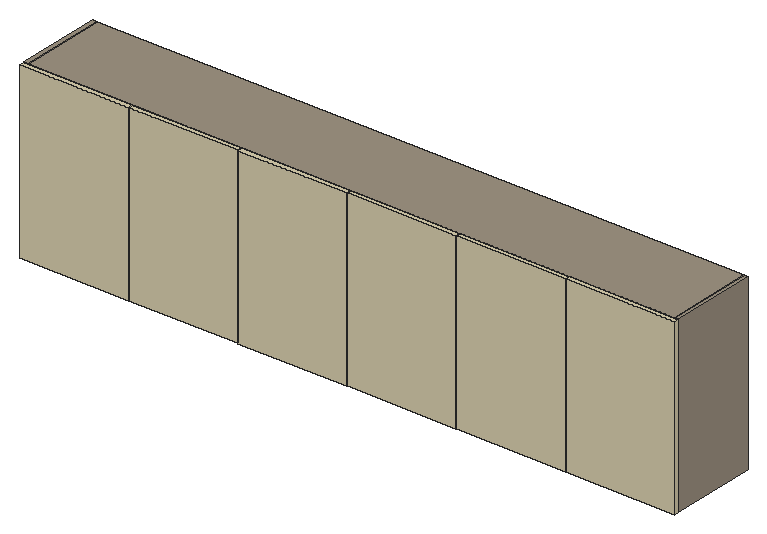
Revit family "Storage-Teknion-COHD_Overhead_Hinged_Doors-R2021", category Furniture, Revit 2021
Family settings
  OmniClass Number = 23.40.20.00
  OmniClass Title = General Furniture and Specialties
  Work Plane-Based = No
  Always vertical = Yes
  Cut with Voids When Loaded = No
  Shared = Yes
  Room Calculation Point = No
Parameters (values of type "2H")
  Width [instance] = 108.000"
  Warranty = "http://www.teknion.com/ca/papers/legal-canada"
  Unit Weight URL = "http://www.teknion.com/ca/tools/assets#&asset=bee6a381-b954-425e-8283-5a2de3a804f2,f828d448-4b62-4231-9e5f-9a8991c0ed77"
  URL = "www.teknion.com"
  To render please download texture images found here [instance] = "https://assets.teknion.com/web/5e81352c1dfdb467/revit-material-swatches/"
  Sustainability Data = "https://www.teknion.com/ca/tools/assets#&topic=216f99a5-57a0-44fc-b10a-9dee9b29ae4c&asset=444deb64-fe58-4b68-981e-f75e97781df7,b4ff2d81-9f2e-437d-9659-7cffb09c31cf"
  Series = "Chronicle"  # constant formula
  Product Page URL = ""
  Product Line = ""
  Product Documentation Link = ""
  Part Number = "COHD"  # constant formula
  Model = "COHD2H"
  Manufacturer Phone = "416-661-3370"  # constant formula
  Manufacturer Fax = "416.661.4586"  # constant formula
  Manufacturer Contact Information = "http://www.teknion.com/ca/contactus"
  Manufacturer Address = "1150 Flint Road, Toronto, ON. M3J 2J5. Canada"  # constant formula
  Manufacturer = "Teknion"  # constant formula
  How To Use Teknion Materials User Guide [instance] = "https://assets.teknion.com/m/205dd0a49fa58060/original/How-to-add-a-Material-Library-and-Texture-Images-to-your-Revit-project.pdf"
  Height = 28.500"
  Front Finish [instance] = Veneer - Teknion - FX - Flintwood - Flax
  For Additional Finishes please visit [instance] = "https://assets.teknion.com/m/44a8009b046e5d47/original/Teknion_Materials_Library.zip"
  Door Gap 7 [instance] = if(or(Width = 60.000", Width = 66.000", Width = 72.000", Width = 78.000", Width = 84.000"), 84.000", 10.000")  # 10.000"
  Door Gap 6 [instance] = if(or(Width = 60.000", Width = 66.000", Width = 72.000", Width = 78.000", Width = 84.000"), 84.000", 10.000")  # 10.000"
  Door Gap 5 [instance] = if(or(Width = 90.000", Width = 96.000", Width = 102.000", Width = 108.000"), 84.000", 10.000")  # 84.000"
  Door Gap 4 [instance] = if(or(Width = 48.000", Width = 54.000", Width = 90.000", Width = 96.000", Width = 102.000", Width = 108.000"), 84.000", 10.000")  # 84.000"
  Door Gap 3 [instance] = if(or(Width = 30.000", Width = 36.000", Width = 42.000", Width = 60.000", Width = 66.000", Width = 72.000", Width = 78.000", Width = 84.000", Width = 90.000", Width = 96.000", Width = 102.000", Width = 108.000"), 84.000", 10.000")  # 84.000"
  Door Gap 2 [instance] = if(or(Width = 48.000", Width = 54.000", Width = 90.000", Width = 96.000", Width = 102.000", Width = 108.000"), 84.000", 10.000")  # 84.000"
  Door Gap 1 [instance] = if(or(Width = 90.000", Width = 96.000", Width = 102.000", Width = 108.000"), 84.000", 10.000")  # 84.000"
  Divider c [instance] = or(Width = 90.000", Width = 96.000", Width = 102.000", Width = 108.000")  # yes
  Divider b [instance] = or(Width = 60.000", Width = 66.000", Width = 72.000", Width = 78.000", Width = 84.000")  # no
  Divider a [instance] = or(Width = 48.000", Width = 54.000", Width = 90.000", Width = 96.000", Width = 102.000", Width = 108.000")  # yes
  Distance = 8.000"
  Description = "Chronicle Overhead, Hinged Doors, 2H Height"
  Default Elevation = 0.000"
  Case Finish [instance] = Veneer - Teknion - Q9 - Mercurial Walnut
  Available Width [instance] = "30,36,42,48,54,60,66,72,78,84,90,96,102,108 Inch"  # constant formula
  Assembly Code = "E2020200"
  6 Doors [instance] = or(Width = 90.000", Width = 96.000", Width = 102.000", Width = 108.000")  # yes
  4 Doors [instance] = or(Width = 60.000", Width = 66.000", Width = 72.000", Width = 78.000", Width = 84.000")  # no
  3 Doors [instance] = or(Width = 48.000", Width = 54.000")  # no
  2H = yes
  2 Doors [instance] = or(Width = 30.000", Width = 36.000", Width = 42.000")  # no
Types (3): name | Width | Model | Height | Front Finish | Door Gap 5 | Door Gap 4 | Door Gap 2 | Door Gap 1 | Divider c | Divider a | Distance | Description | Case Finish | 6 Doors | 2H | 2 Doors
  (no name) | 108.000" | "COHD2H" | 28.500" | Veneer - Teknion - FX - Flintwood - Flax | 84.000" | 84.000" | 84.000" | 84.000" | yes | yes | 8.000" | "Chronicle Overhead, Hinged Doors, 2H Height" | Veneer - Teknion - Q9 - Mercurial Walnut | yes | yes | no
  1H | 30.000" | "COHD1H" | 14.750" | Veneer - Teknion - 5N - Flintwood - White Oak | 10.000" | 10.000" | 10.000" | 10.000" | no | no | 5.000" | "Chronicle Overhead, Hinged Doors, 1H Height" | Veneer - Teknion - VN - Brindle | no | no | yes
  2H | 108.000" | "COHD2H" | 28.500" | Veneer - Teknion - FX - Flintwood - Flax | 84.000" | 84.000" | 84.000" | 84.000" | yes | yes | 8.000" | "Chronicle Overhead, Hinged Doors, 2H Height" | Veneer - Teknion - Q9 - Mercurial Walnut | yes | yes | no
Reference planes (in)
  plane 1 "Center Front/Back": y = -1357.5
  plane 2: z = 0
  plane 3 "Center Left/Right": x = 1104
  plane 4 "Left": x = 1050
  plane 5 "Right": x = 1158
  plane 6 "Back": y = -1350
  plane 7 "Front": y = -1365
  plane 8 "Top": z = 84
  plane 9: z = 55.5
  plane 10: x = 1086
  plane 11: x = 1122
  plane 12: x = 1068
  plane 13: x = 1140
  plane 14: x = 1077
  plane 15: x = 1131
Forms (in)
  Sweep 1, solid, material "Veneer - Teknion - Q9 - Mercurial Walnut" <- "Case Finish"
    path origin (0, -1357.5, 0) x (1, 0, 0) y (0, 0, 1)
      loop
        line (1104, 84) -> (1104, 82.96063)
    profile origin (1104, -1357.5, 83.48031) x (0, -1, 0) y (1, 0, 0)
      loop
        line (-7.5, -53.27559) -> (6.65748, -53.27559) -> (6.65748, 53.27559) -> (-7.5, 53.27559) -> (-7.5, -53.27559)
  Sweep 2, solid, material "Veneer - Teknion - Q9 - Mercurial Walnut" <- "Case Finish"
    path origin (0, -1357.5, -27.46063) x (1, 0, 0) y (0, 0, 1)
      loop
        line (1104, 84) -> (1104, 82.96063)
    profile origin (1104, -1357.5, 56.01969) x (0, -1, 0) y (1, 0, 0)
      loop
        line (-7.5, -53.27559) -> (6.65748, -53.27559) -> (6.65748, 53.27559) -> (-7.5, 53.27559) -> (-7.5, -53.27559)
  Sweep 3, solid, material "Veneer - Teknion - Q9 - Mercurial Walnut" <- "Case Finish"
    path origin (1104, 0, 0) x (0, 1, 0) y (0, 0, 1)
      loop
        line (-1357.5, 84) -> (-1357.5, 55.5)
    profile origin (1104, -1357.5, 69.75) x (1, 0, 0) y (0, 1, 0)
      loop
        line (-54, 7.5) -> (-54, -6.65748) -> (-53.27559, -6.65748) -> (-53.27559, 7.5) -> (-54, 7.5)
      loop
        line (54, 7.5) -> (53.27559, 7.5) -> (53.27559, -6.65748) -> (54, -6.65748) -> (54, 7.5)
  Sweep 4, solid, material "Veneer - Teknion - Q9 - Mercurial Walnut" <- "Case Finish"
    path origin (0, -1357.5, 0) x (1, 0, 0) y (0, 0, 1)
      loop
        line (1104, 82.96063) -> (1104, 56.53937)
    profile origin (1104, -1357.5, 69.75) x (0, -1, 0) y (1, 0, 0)
      loop
        line (-6.75, -53.27559) -> (-6.02559, -53.27559) -> (-6.02559, 53.27559) -> (-6.75, 53.27559) -> (-6.75, -53.27559)
  Sweep 5, solid, material "Veneer - Teknion - Q9 - Mercurial Walnut" <- "Case Finish"
    path origin (0, 0, 0) x (1, 0, 0) y (0, 1, 0)
      loop
        line (1051.72441, -1350) -> (1156.27559, -1350)
    profile origin (1104, -1350, 0) x (0, 1, 0) y (0, 0, 1)
      loop
        line (-0.75, 82.96063) -> (-0.75, 74.96063) -> (0, 74.96063) -> (0, 82.96063) -> (-0.75, 82.96063)
      loop
        line (-0.75, 64.53937) -> (-0.75, 56.53937) -> (0, 56.53937) -> (0, 64.53937) -> (-0.75, 64.53937)
  Sweep 6, solid, material "Veneer - Teknion - Q9 - Mercurial Walnut" <- "Case Finish", visible <- "Divider a"
    path origin (0, 0, 0) x (1, 0, 0) y (0, 1, 0)
      loop
        line (1086, -1351.47441) -> (1086, -1364.15748)
    profile origin (1086, -1357.81594, 0) x (1, 0, 0) y (0, 0, 1)
      loop
        line (-0.3622, 82.96063) -> (-0.3622, 56.53937) -> (0.3622, 56.53937) -> (0.3622, 82.96063) -> (-0.3622, 82.96063)
  Sweep 7, solid, material "Veneer - Teknion - Q9 - Mercurial Walnut" <- "Case Finish", visible <- "Divider c"
    path origin (36, 0, 0) x (1, 0, 0) y (0, 1, 0)
      loop
        line (1086, -1351.47441) -> (1086, -1364.15748)
    profile origin (1122, -1357.81594, 0) x (1, 0, 0) y (0, 0, 1)
      loop
        line (-0.3622, 82.96063) -> (-0.3622, 56.53937) -> (0.3622, 56.53937) -> (0.3622, 82.96063) -> (-0.3622, 82.96063)
  Sweep 8, solid, material "Veneer - Teknion - Q9 - Mercurial Walnut" <- "Case Finish", visible <- "2H"
    path origin (0, -1357.5, 0) x (1, 0, 0) y (0, 0, 1)
      loop
        line (1104, 70.26969) -> (1104, 69.23031)
    profile origin (1104, -1357.5, 69.75) x (0, -1, 0) y (1, 0, 0)
      loop
        line (-6.02559, -53.27559) -> (5.65748, -53.27559) -> (5.65748, 53.27559) -> (-6.02559, 53.27559) -> (-6.02559, -53.27559)
  Sweep 9, solid, material "Veneer - Teknion - Q9 - Mercurial Walnut" <- "Case Finish", visible <- "Divider b"
    path origin (18, 0, 0) x (1, 0, 0) y (0, 1, 0)
      loop
        line (1086, -1351.47441) -> (1086, -1364.15748)
    profile origin (1104, -1357.81594, 0) x (1, 0, 0) y (0, 0, 1)
      loop
        line (-0.3878, 82.96063) -> (-0.3878, 56.53937) -> (0.3878, 56.53937) -> (0.3878, 82.96063) -> (-0.3878, 82.96063)
  Sweep 10, solid, material "Veneer - Teknion - FX - Flintwood - Flax" <- "Front Finish"
    path origin (0, 0, 0) x (1, 0, 0) y (0, 1, 0)
      loop
        line (1050.03937, -1365) -> (1157.96063, -1365)
    profile origin (1104, -1365, 0) x (0, 1, 0) y (0, 0, 1)
      loop
        line (0, 84) -> (0, 55.5) -> (0.72441, 55.5) -> (0.72441, 84) -> (0, 84)
  Sweep 11, void
    path origin (0, -1357.5, 0) x (1, 0, 0) y (0, 0, 1)
      loop
        line (1068, 84) -> (1068, 0)
    profile origin (1068, -1357.5, 42) x (0, -1, 0) y (1, 0, 0)
      loop
        line (6.77559, -0.03937) -> (7.5, -0.03937) -> (7.5, 0.03937) -> (6.77559, 0.03937) -> (6.77559, -0.03937)
  Sweep 12, void
    path origin (18, -1357.5, 0) x (1, 0, 0) y (0, 0, 1)
      loop
        line (1068, 84) -> (1068, 0)
    profile origin (1086, -1357.5, 42) x (0, -1, 0) y (1, 0, 0)
      loop
        line (6.77559, -0.03937) -> (7.5, -0.03937) -> (7.5, 0.03937) -> (6.77559, 0.03937) -> (6.77559, -0.03937)
  Sweep 13, void
    path origin (36, -1357.5, 0) x (1, 0, 0) y (0, 0, 1)
      loop
        line (1068, 84) -> (1068, 0)
    profile origin (1104, -1357.5, 42) x (0, -1, 0) y (1, 0, 0)
      loop
        line (6.77559, -0.03937) -> (7.5, -0.03937) -> (7.5, 0.03937) -> (6.77559, 0.03937) -> (6.77559, -0.03937)
  Sweep 14, void
    path origin (54, -1357.5, 0) x (1, 0, 0) y (0, 0, 1)
      loop
        line (1068, 84) -> (1068, 0)
    profile origin (1122, -1357.5, 42) x (0, -1, 0) y (1, 0, 0)
      loop
        line (6.77559, -0.03937) -> (7.5, -0.03937) -> (7.5, 0.03937) -> (6.77559, 0.03937) -> (6.77559, -0.03937)
  Sweep 15, void
    path origin (72, -1357.5, 0) x (1, 0, 0) y (0, 0, 1)
      loop
        line (1068, 84) -> (1068, 0)
    profile origin (1140, -1357.5, 42) x (0, -1, 0) y (1, 0, 0)
      loop
        line (6.77559, -0.03937) -> (7.5, -0.03937) -> (7.5, 0.03937) -> (6.77559, 0.03937) -> (6.77559, -0.03937)
  Sweep 16, void
    path origin (7, -1357.5, 0) x (1, 0, 0) y (0, 0, 1)
      loop
        line (1070, 10) -> (1070, 0)
    profile origin (1077, -1357.5, 5) x (0, -1, 0) y (1, 0, 0)
      loop
        line (6.77559, -0.03937) -> (7.5, -0.03937) -> (7.5, 0.03937) -> (6.77559, 0.03937) -> (6.77559, -0.03937)
  Sweep 17, void
    path origin (65, -1357.5, 0) x (1, 0, 0) y (0, 0, 1)
      loop
        line (1066, 10) -> (1066, 0)
    profile origin (1131, -1357.5, 5) x (0, -1, 0) y (1, 0, 0)
      loop
        line (6.77559, -0.03937) -> (7.5, -0.03937) -> (7.5, 0.03937) -> (6.77559, 0.03937) -> (6.77559, -0.03937)
Cuts and joins
  Sweep 11, Sweep 12, Sweep 13, Sweep 14, Sweep 15, Sweep 16, Sweep 17 cuts Sweep 10
Lines and regions (in)
  Masking region 1
    outline origin (0, 0, 0) x (1, 0, 0) y (0, 1, 0)
      loop
        line (1050, -1350) -> (1050, -1364.15748) -> (1158, -1364.15748) -> (1158, -1350) -> (1050, -1350)
  Masking region 2, visible <- "6 Doors"
    outline origin (0, 0, 0) x (1, 0, 0) y (0, 1, 0)
      loop
        line (1067.96063, -1364.27559) -> (1050.03937, -1364.27559) -> (1050.03937, -1365) -> (1067.96063, -1365) -> (1067.96063, -1364.27559)
      loop
        line (1157.96063, -1364.27559) -> (1140.03937, -1364.27559) -> (1140.03937, -1365) -> (1157.96063, -1365) -> (1157.96063, -1364.27559)
      loop
        line (1068.03937, -1365) -> (1085.96063, -1365) -> (1085.96063, -1364.27559) -> (1068.03937, -1364.27559) -> (1068.03937, -1365)
      loop
        line (1086.03937, -1365) -> (1103.96063, -1365) -> (1103.96063, -1364.27559) -> (1086.03937, -1364.27559) -> (1086.03937, -1365)
      loop
        line (1104.03937, -1365) -> (1121.96063, -1365) -> (1121.96063, -1364.27559) -> (1104.03937, -1364.27559) -> (1104.03937, -1365)
      loop
        line (1122.03937, -1365) -> (1139.96063, -1365) -> (1139.96063, -1364.27559) -> (1122.03937, -1364.27559) -> (1122.03937, -1365)
  Masking region 3, visible <- "4 Doors"
    outline origin (0, 0, 0) x (1, 0, 0) y (0, 1, 0)
      loop
        line (1157.96063, -1364.27559) -> (1131.03937, -1364.27559) -> (1131.03937, -1365) -> (1157.96063, -1365) -> (1157.96063, -1364.27559)
      loop
        line (1050.03937, -1365) -> (1076.96063, -1365) -> (1076.96063, -1364.27559) -> (1050.03937, -1364.27559) -> (1050.03937, -1365)
      loop
        line (1130.96063, -1364.27559) -> (1104.03937, -1364.27559) -> (1104.03937, -1365) -> (1130.96063, -1365) -> (1130.96063, -1364.27559)
      loop
        line (1103.96063, -1365) -> (1103.96063, -1364.27559) -> (1077.03937, -1364.27559) -> (1077.03937, -1365) -> (1103.96063, -1365)
  Masking region 4, visible <- "3 Doors"
    outline origin (0, 0, 0) x (1, 0, 0) y (0, 1, 0)
      loop
        line (1157.96063, -1364.27559) -> (1122.03937, -1364.27559) -> (1122.03937, -1365) -> (1157.96063, -1365) -> (1157.96063, -1364.27559)
      loop
        line (1050.03937, -1365) -> (1085.96063, -1365) -> (1085.96063, -1364.27559) -> (1050.03937, -1364.27559) -> (1050.03937, -1365)
      loop
        line (1086.03937, -1364.27559) -> (1086.03937, -1365) -> (1121.96063, -1365) -> (1121.96063, -1364.27559) -> (1086.03937, -1364.27559)
  Masking region 5, visible <- "2 Doors"
    outline origin (0, 0, 0) x (1, 0, 0) y (0, 1, 0)
      loop
        line (1157.96063, -1364.27559) -> (1104.03937, -1364.27559) -> (1104.03937, -1365) -> (1157.96063, -1365) -> (1157.96063, -1364.27559)
      loop
        line (1050.03937, -1365) -> (1103.96063, -1365) -> (1103.96063, -1364.27559) -> (1050.03937, -1364.27559) -> (1050.03937, -1365)
  symbolic lines
    curve 1: line (1050.72441, -1364.15748, 0) -> (1050.72441, -1350, 0)
    curve 2: line (1157.27559, -1350, 0) -> (1157.27559, -1364.15748, 0)
  symbolic lines, style "FurnitureHiddenLines", detail levels medium+fine
    curve 3: line (1051.72441, -1350.75, 0) -> (1051.72441, -1350, 0)
    curve 4: line (1157.27559, -1350.75, 0) -> (1050.72441, -1350.75, 0)
    curve 5: line (1050.72441, -1351.47441, 0) -> (1157.27559, -1351.47441, 0)
    curve 6: line (1156.27559, -1350.75, 0) -> (1156.27559, -1350, 0)
    curve 13: line (1050.72441, -1363.15748, 0) -> (1157.27559, -1363.15748, 0)
  symbolic lines, style "FurnitureHiddenLines", visible <- "Divider a", detail levels medium+fine
    curve 7: line (1085.6378, -1351.47441, 0) -> (1085.6378, -1364.15748, 0)
    curve 8: line (1086.3622, -1364.15748, 0) -> (1086.3622, -1351.47441, 0)
  symbolic lines, style "FurnitureHiddenLines", visible <- "Divider b", detail levels medium+fine
    curve 9: line (1103.6122, -1351.47441, 0) -> (1103.6122, -1364.15748, 0)
    curve 10: line (1104.3878, -1364.15748, 0) -> (1104.3878, -1351.47441, 0)
  symbolic lines, style "FurnitureHiddenLines", visible <- "Divider c", detail levels medium+fine
    curve 11: line (1121.6378, -1351.47441, 0) -> (1121.6378, -1364.15748, 0)
    curve 12: line (1122.3622, -1364.15748, 0) -> (1122.3622, -1351.47441, 0)
  reference lines
    curve 14: line (1050, -1350, 0) -> (1050, -1365, 0)
    curve 15: line (1050, -1365, 0) -> (1158, -1365, 0)
    curve 16: line (1050, -1350, 0) -> (1158, -1350, 0)
    curve 17: line (1158, -1350, 0) -> (1158, -1365, 0)
Dimensions and locks (in)
  "Width": plane 4 "Left" to plane 5 "Right"
  locked: plane 6 "Back" to plane 7 "Front" at 15
  plane 8 "Top" to level = 84.000"
  equal spacing: plane 6 "Back", plane 1 "Center Front/Back", plane 7 "Front"
  "Height": plane 8 "Top" to plane 9
  locked: Sweep 1 sketch curve to Sweep 1 sketch curve at 1.03937
  locked: plane 4 "Left" to Sweep 1 sketch curve at 0.72441
  locked: Sweep 1 sketch curve to plane 5 "Right" at 0.72441
  locked: Sweep 1 sketch curve to Sweep 1 sketch curve at 14.15748
  locked: Sweep 2 sketch curve to Sweep 2 sketch curve at 1.03937
  locked: Sweep 2 sketch curve to Sweep 2 sketch curve at 14.15748
  locked: Sweep 1 to plane 5 "Right" at 0.72441
  locked: plane 4 "Left" to Sweep 1 at 0.72441
  locked: Sweep 4 sketch curve to Sweep 4 sketch curve at 0.72441
  locked: plane 6 "Back" to Sweep 4 sketch curve at 0.75
  locked: plane 4 "Left" to Sweep 5 sketch curve at 1.72441
  locked: Sweep 5 sketch curve to plane 5 "Right" at 1.72441
  Sweep 6 sketch curve to plane 10 to Sweep 6 sketch curve = 0.3622" locked, 0.3622" locked
  Sweep 7 sketch curve to plane 11 to Sweep 7 sketch curve = 0.3622" locked, 0.3622" locked
  locked: Sweep 8 sketch curve to Sweep 4 at 11.68307
  Sweep 9 sketch curve to plane 3 "Center Left/Right" to Sweep 9 sketch curve = 0.3878" locked, 0.3878" locked
  locked: plane 4 "Left" to Sweep 10 sketch curve at 0.03937
  locked: Sweep 10 sketch curve to plane 5 "Right" at 0.03937
  locked: Sweep 10 sketch curve to Sweep 10 sketch curve at 0.72441
  equal spacing: plane 4 "Left", plane 12, plane 10, plane 3 "Center Left/Right", plane 11, plane 13, plane 5 "Right"
  Sweep 11 sketch curve to plane 12 to Sweep 11 sketch curve = 0.03937" locked, 0.03937" locked
  "Door Gap 1": Sweep 11 sketch curve to Sweep 11 sketch curve
  "Door Gap 2": Sweep 12 sketch curve to Sweep 12 sketch curve
  Sweep 12 sketch curve to plane 10 to Sweep 12 sketch curve = 0.03937" locked, 0.03937" locked
  "Door Gap 3": Sweep 13 sketch curve to Sweep 13 sketch curve
  Sweep 13 sketch curve to plane 3 "Center Left/Right" to Sweep 13 sketch curve = 0.03937" locked, 0.03937" locked
  "Door Gap 4": Sweep 14 sketch curve to Sweep 14 sketch curve
  Sweep 14 sketch curve to plane 11 to Sweep 14 sketch curve = 0.03937" locked, 0.03937" locked
  "Door Gap 5": Sweep 15 sketch curve to Sweep 15 sketch curve
  Sweep 15 sketch curve to plane 13 to Sweep 15 sketch curve = 0.03937" locked, 0.03937" locked
  locked: plane 9 to plane 2 at 55.5
  plane 8 "Top" to Sweep 8 sketch curve to Sweep 8 sketch curve = 13.73031" locked, 1.03937" locked
  "Distance": Sweep 5 sketch curve to Sweep 5 sketch curve  (x2)
  equal spacing: plane 12, plane 14, plane 10
  equal spacing: plane 11, plane 15, plane 13
  "Door Gap 6": Sweep 16 sketch curve to Sweep 16 sketch curve
  Sweep 16 sketch curve to plane 14 to Sweep 16 sketch curve = 0.03937" locked, 0.03937" locked
  "Door Gap 7": Sweep 17 sketch curve to Sweep 17 sketch curve
  Sweep 17 sketch curve to plane 15 to Sweep 17 sketch curve = 0.03937" locked, 0.03937" locked
  aligned and locked: level to plane 2
  aligned and locked: plane 8 "Top" to Sweep 1 sketch curve
  aligned and locked: Sweep 1 sketch curve to plane 3 "Center Left/Right"
  aligned and locked: Sweep 1 sketch curve to plane 6 "Back"
  aligned and locked: plane 9 to Sweep 2 sketch curve
  aligned and locked: Sweep 2 sketch curve to plane 3 "Center Left/Right"
  aligned and locked: Sweep 2 sketch curve to plane 6 "Back"
  aligned and locked: plane 1 "Center Front/Back" to Sweep 3 sketch curve
  aligned and locked: plane 8 "Top" to Sweep 3 sketch curve
  aligned and locked: plane 9 to Sweep 3 sketch curve
  aligned and locked: plane 4 "Left" to Sweep 3 sketch curve
  aligned and locked: Sweep 3 sketch curve to plane 6 "Back"
  aligned and locked: plane 6 "Back" to Sweep 3 sketch curve
  aligned and locked: Sweep 3 sketch curve to Sweep 1  (x3)
  aligned and locked: Sweep 1 to Sweep 3 sketch curve
  aligned and locked: Sweep 2 sketch curve to Sweep 3  (x2)
  aligned and locked: Sweep 4 sketch curve to plane 3 "Center Left/Right"
  aligned and locked: Sweep 2 to Sweep 4 sketch curve
  aligned and locked: Sweep 1 to Sweep 4 sketch curve  (x2)
  aligned and locked: Sweep 3 to Sweep 4 sketch curve
  aligned and locked: Sweep 5 sketch curve to plane 6 "Back"  (x3)
  aligned and locked: Sweep 1 to Sweep 5 sketch curve
  aligned and locked: Sweep 4 to Sweep 5 sketch curve
  aligned and locked: Sweep 5 sketch curve to Sweep 4
  aligned and locked: Sweep 5 sketch curve to Sweep 2
  aligned and locked: Sweep 6 sketch curve to plane 10
  aligned and locked: Sweep 4 to Sweep 6 sketch curve
  aligned and locked: Sweep 1 to Sweep 6 sketch curve  (x2)
  aligned and locked: Sweep 6 sketch curve to Sweep 2
  aligned and locked: Sweep 4 to Sweep 7 sketch curve
  aligned and locked: Sweep 1 to Sweep 7 sketch curve  (x2)
  aligned and locked: plane 11 to Sweep 7 sketch curve
  aligned and locked: Sweep 7 sketch curve to Sweep 2
  aligned and locked: Sweep 8 sketch curve to plane 3 "Center Left/Right"
  aligned and locked: Sweep 3 to Sweep 8 sketch curve  (x2)
  aligned and locked: Sweep 8 sketch curve to Sweep 4
  aligned and locked: Sweep 9 sketch curve to Sweep 2
  aligned and locked: Sweep 1 to Sweep 9 sketch curve  (x2)
  aligned and locked: Sweep 9 sketch curve to plane 3 "Center Left/Right"
  aligned and locked: Sweep 4 to Sweep 9 sketch curve
  aligned and locked: plane 7 "Front" to Sweep 10 sketch curve
  aligned and locked: plane 9 to Sweep 10 sketch curve
  aligned and locked: Sweep 10 sketch curve to plane 8 "Top"
  aligned and locked: plane 12 to Sweep 11 sketch curve
  aligned and locked: plane 2 to Sweep 11 sketch curve
  aligned and locked: plane 7 "Front" to Sweep 11 sketch curve
  aligned and locked: Sweep 11 sketch curve to Sweep 10
  aligned and locked: Sweep 12 sketch curve to plane 10
  aligned and locked: plane 2 to Sweep 12 sketch curve
  aligned and locked: Sweep 13 sketch curve to plane 7 "Front"
  aligned and locked: Sweep 13 sketch curve to cut or joined group of Sweep 10, Sweep 11, Sweep 12, Sweep 13, Sweep 14, Sweep 15, Sweep 16, Sweep 17
  aligned and locked: Sweep 13 sketch curve to plane 3 "Center Left/Right"
  aligned and locked: plane 2 to Sweep 13 sketch curve
  aligned and locked: Sweep 14 sketch curve to plane 7 "Front"
  aligned and locked: Sweep 14 sketch curve to cut or joined group of Sweep 10, Sweep 11, Sweep 12, Sweep 13, Sweep 14, Sweep 15, Sweep 16, Sweep 17
  aligned and locked: plane 11 to Sweep 14 sketch curve
  aligned and locked: plane 2 to Sweep 14 sketch curve
  aligned and locked: plane 2 to Sweep 15 sketch curve
  aligned and locked: Sweep 15 sketch curve to plane 13
  aligned and locked: Sweep 15 sketch curve to plane 7 "Front"
  aligned and locked: Sweep 15 sketch curve to cut or joined group of Sweep 10, Sweep 11, Sweep 12, Sweep 13, Sweep 14, Sweep 15, Sweep 16, Sweep 17
  aligned and locked: Sweep 16 sketch curve to cut or joined group of Sweep 10, Sweep 11, Sweep 12, Sweep 13, Sweep 14, Sweep 15, Sweep 16, Sweep 17
  aligned and locked: Sweep 16 sketch curve to plane 7 "Front"
  aligned and locked: Sweep 16 sketch curve to plane 14
  aligned and locked: plane 2 to Sweep 16 sketch curve
  aligned and locked: Sweep 17 sketch curve to plane 7 "Front"
  aligned and locked: Sweep 17 sketch curve to cut or joined group of Sweep 10, Sweep 11, Sweep 12, Sweep 13, Sweep 14, Sweep 15, Sweep 16, Sweep 17
  aligned and locked: plane 2 to Sweep 17 sketch curve
  aligned and locked: plane 15 to Sweep 17 sketch curve
  aligned and locked: Masking region 1 sketch curve to Sweep 3  (x2)
  aligned and locked: Masking region 1 sketch curve to Sweep 1  (x2)
  aligned and locked: curve 1 to Sweep 3
  aligned and locked: curve 2 to Sweep 3
  aligned and locked: curve 3 to Sweep 5
  aligned and locked: curve 4 to Sweep 4
  aligned and locked: curve 5 to Sweep 4
  aligned and locked: curve 6 to Sweep 5
  aligned and locked: curve 7 to Sweep 6
  aligned and locked: curve 8 to Sweep 6
  aligned and locked: curve 9 to Sweep 9
  aligned and locked: curve 10 to Sweep 9
  aligned and locked: curve 11 to Sweep 7
  aligned and locked: curve 12 to Sweep 7
  aligned and locked: curve 13 to Sweep 8
  aligned and locked: Masking region 2 sketch curve to cut or joined group of Sweep 10, Sweep 11, Sweep 12, Sweep 13, Sweep 14, Sweep 15, Sweep 16, Sweep 17  (x14)
  aligned and locked: Masking region 3 sketch curve to cut or joined group of Sweep 10, Sweep 11, Sweep 12, Sweep 13, Sweep 14, Sweep 15, Sweep 16, Sweep 17  (x6)
  aligned and locked: Masking region 3 sketch curve to Masking region 2  (x4)
  aligned and locked: Masking region 4 sketch curve to cut or joined group of Sweep 10, Sweep 11, Sweep 12, Sweep 13, Sweep 14, Sweep 15, Sweep 16, Sweep 17  (x2)
  aligned and locked: Masking region 4 sketch curve to Masking region 3  (x2)
  aligned and locked: Masking region 4 sketch curve to Masking region 2  (x4)
  aligned and locked: Masking region 5 sketch curve to cut or joined group of Sweep 10, Sweep 11, Sweep 12, Sweep 13, Sweep 14, Sweep 15, Sweep 16, Sweep 17  (x6)
  aligned and locked: curve 14 to plane 4 "Left"
  aligned and locked: curve 15 to plane 7 "Front"
  aligned and locked: curve 16 to plane 6 "Back"
  aligned and locked: curve 17 to plane 5 "Right"
  aligned and locked: nested 1 to plane 6 "Back"
  aligned and locked: plane 4 "Left" to nested 1
  aligned and locked: nested 2 to plane 5 "Right"
  aligned and locked: nested 2 to plane 6 "Back"
Automatic sketch dimensions
  Sweep 3 sketch curve to Sweep 3 sketch curve = 0.72441"
  Sweep 10 sketch curve to profile plane = 0.000"
  plane 1 "Center Front/Back" to Sweep 12 sketch curve = 6.77559"
  Sweep 12 sketch curve to Sweep 12 sketch curve = 0.72441"
  curve 6 to plane 6 "Back" = 0.000"
  curve 3 to plane 6 "Back" = 0.000"
  curve 2 to plane 6 "Back" = 0.000"
  curve 1 to plane 6 "Back" = 0.000"
  curve 7 to plane 7 "Front" = 0.84252"
  curve 7 to curve 8 = 0.000"
  curve 9 to plane 7 "Front" = 0.84252"
  curve 9 to curve 10 = 0.000"
  curve 2 to plane 7 "Front" = 0.84252"
  curve 11 to plane 7 "Front" = 0.84252"
  curve 11 to curve 12 = 0.000"
  curve 1 to plane 7 "Front" = 0.84252"
  Masking region 2 sketch curve to Masking region 2 sketch curve = 0.000"  (x5)
  plane 7 "Front" to Masking region 2 sketch curve = 0.000"  (x5)
  Masking region 3 sketch curve to Masking region 3 sketch curve = 0.000"  (x2)
  plane 7 "Front" to Masking region 3 sketch curve = 0.000"  (x3)
  Masking region 3 sketch curve to plane 7 "Front" = 0.72441"
  Masking region 4 sketch curve to Masking region 4 sketch curve = 0.000"  (x2)
  plane 7 "Front" to Masking region 4 sketch curve = 0.000"  (x2)
  Masking region 5 sketch curve to plane 7 "Front" = 0.72441"
  plane 7 "Front" to Masking region 5 sketch curve = 0.000"
Nested families (in)
  nested 1: "Teknion_2D_Node_Family-R2016" at (1050, -1350, 0), type "Teknion_2D_Node_Family-R2016"
  nested 2: "Teknion_2D_Node_Family-R2016" at (1158, -1350, 0), type "Teknion_2D_Node_Family-R2016"
Definition of nested family "Teknion_2D_Node_Family-R2016"
  Reference planes (in)
    plane 1 "Center (Front/Back)": y = 0
    plane 2: z = 0
    plane 3 "Center (Left/Right)": x = 0
  Lines and regions (in)
    detail lines, in view "Ref. Level"
      curve 1: circle (0, 0, 0) r 1.25 normal (0, 0, 1)
      curve 2: line (1.91508, -1.91508, 0) -> (-1.91508, 1.91508, 0)
      curve 3: line (-1.91508, -1.91508, 0) -> (1.91508, 1.91508, 0)
